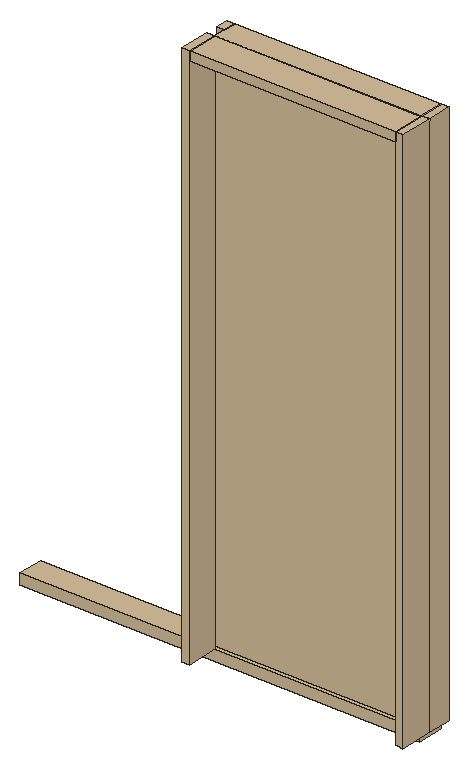
Revit family "Dor_木製-引込み戸", category ドア, Revit 2020
Family settings
  ホスト = 壁
  常に垂直 = はい
  ロード時にボイドで切り取り = はい
  共有 = いいえ
  部屋計算ポイント = いいえ
Parameters (values of type "木製-引込み戸")
  開口逃げ位置表示 [instance] = no
  金物_施錠方式(外) = ""
  金物_施錠方式(内) = ""
  金物_支持金物 = ""
  金物_操作金物 = ""
  金物_戸当り = ""
  金物_固定金物 = ""
  金物_フランス落し = ""
  金物_クローザー = ""
  逃げ_左 = 50 mm
  逃げ_右 = 50 mm
  解析用性能 = "<なし>"
  符号_建具記号 = ""
  符号_建具番号 = ""
  法_随時閉鎖 = yes
  法_防火性能 = ""
  法_遮煙 = yes
  法_常時閉鎖 = yes
  文字_ガラス厚 = ""
  敷居表示 [instance] = yes
  枠見付上_外側 = 35 mm
  枠見付上_内側 = 35 mm
  敷居見込 [instance] = 100 mm
  引き残し = 120 mm
  ラベル_遮煙 = if(法_遮煙, "S", " ")  # "S"
  ラベル_法囲み = if(法_常時閉鎖, "□", if(法_随時閉鎖, "〇", " "))  # "□"
  マテリアル_障子紙 = 紙 - 障子
  マテリアル_襖紙 = 紙 - 襖
  マテリアル_引手 = 木目 - ナチュラル
  マテリアル_ハンドル = none
  ボード厚 [instance] = 30 mm
  ドアパネルタイプ = DPJ_フラッシュ : フラッシュ
  クリアランス_戸尻枠 = 15 mm
  クリアランス_壁パネル間 = 10 mm
  calc_沓摺幅 = パネル幅 + calc_戸尻位置 + クリアランス_戸尻枠  # 1555 mm
  次による断熱プロパティの定義 = スキーマティック タイプ
  文字_額縁材質 = ""
  文字_額縁仕上 = ""
  文字_沓摺材質 = ""
  文字_沓摺仕上 = ""
  文字_枠材質 = ""
  文字_枠仕上 = ""
  文字_建具材質 = ""
  文字_建具仕上 = ""
  文字_取付場所 = ""
  文字_備考 = ""
  文字_パネル厚 = ""
  文字_ガラリ材質 = ""
  文字_ガラリ仕上 = ""
  文字_ガラス材質 = ""
  文字_アンダーカット = ""
  性能_遮音 = ""
  性能_気密 = ""
  形状_沓摺形状 = ""
  形状_枠形状 = ""
  形状_建具形式 = ""
  形状_ガラリ形状 = ""
  calc_戸袋見込 = パネル厚 + 14 mm + LOCK  # 44 mm
  calc_戸尻位置 = パネル幅 - 引き残し  # 710 mm
  calc_壁芯ずれ [instance] = オフセット / 2 + LOCK  # 25 mm
  マテリアル_沓摺 = none
  マテリアル_枠 = 木目 - ナチュラル
  マテリアル_パネル = 木目 - ナチュラル
  マテリアル_ガラリ = none
  マテリアル_ガラス = none
  引手表示 [instance] = yes
  Keynote = ""
  オフセット [instance] = 50 mm
  calc_全幅 = W寸法 + calc_戸尻位置 + クリアランス_戸尻枠 + 枠見付  # 1555 mm
  calc_パネル中心_幅 = 枠見付 / 2 + LOCK  # 15 mm
  calc_パネル中心_厚 [instance] = ボード厚 + LGS厚 / 2 + 枠ちり外 + LOCK  # 75 mm
  W寸法 = 800 mm
  LOCK = 0 mm  # constant formula
  Function = (empty or 0)
  Description = ""
  Rough Width = 0 mm
  高さ = H寸法 + LOCK  # 2100 mm
  枠見付 = 30 mm
  枠ちり外 = 10 mm
  枠ちり内 = 10 mm
  引手_高さ = 900 mm
  戸当見込 = 50 mm
  戸当見付 = 15 mm
  Construction Type = ""
  Wall Closure = (empty or 0)
  幅 = W寸法 + LOCK  # 800 mm
  Rough Height = 0 mm
  パネル高 = 2095 mm
  パネル幅 = 幅 + 枠見付  # 830 mm
  パネル厚 = 30 mm
  LGS厚 [instance] = 70 mm
  H寸法 = 2100 mm
Reference planes
  plane 1: y = 0.417
  plane 2 "中心(左/右)": x = 0
  plane 3 "EXT.": y = 75.417
  plane 4 "内壁": y = -74.583
  plane 5 "左": x = -400
  plane 6 "右": x = 400
  plane 7 "上側": z = 2100
  plane 8: z = 0
  plane 9 "枠ちり外": y = 85.417
  plane 10 "枠外側左": x = -430
  plane 11 "枠外側右": x = 430
  plane 12 "枠見付_上": z = 2135
  plane 13 "オフセット": y = -124.583
  plane 14 "枠ちり内": y = -134.583
  plane 15: y = 65.417
  plane 16: x = -435
  plane 17: x = 435
  plane 18: y = 65.417
  plane 19: y = -114.583
  plane 20: y = -129.583
  plane 21 "パネル中心": y = 10.417
  plane 22: z = 900
  plane 23 "ボード厚": y = 45.417
  plane 24: x = -1140
  plane 25: x = -1155
  plane 26: x = -1185
  plane 27: z = 2135
  plane 28 "パネル幅中心": x = -15
  plane 29 "沓摺中心": x = -377.5
  plane 30: y = 65
  plane 31: z = 1050
  plane 32 "LGS厚": y = -24.583
  plane 33 "戸袋内側": y = -11.583
  plane 34 "戸袋外側": y = 32.417
  plane 35: x = -425
  plane 36: y = 80.417
  plane 37: y = 25.417
  plane 38: y = -4.583
  plane 39: z = 2137
  plane 40: z = 2138
  plane 41: y = -13.583
  plane 42: y = -4.583
  plane 43: y = 25.417
  plane 44 "敷居見込": y = -14.583
  plane 45 "逃げ位置": y = 28.806
  plane 46 "引き残し": x = -280
Forms (mm)
  Extrusion 1, void
    sketch origin (0, 0, 0) x (1, 0, 0) y (0, 1, 0)
      loop
        line (-430, -124.583) -> (430, -124.583) -> (430, 45.417) -> (-430, 45.417) -> (-430, -124.583)
    from 0 to 2135
  Extrusion 2, void
    sketch origin (0, 0, 0) x (1, 0, 0) y (0, 1, 0)
      loop
        line (-430, 75.417) -> (-430, 32.417) -> (430, 32.417) -> (430, 75.417) -> (-430, 75.417)
    from 0 to 2135
  Extrusion 3, solid, material "木目 - ナチュラル" <- "マテリアル_枠"
    sketch origin (0, 0, 0) x (1, 0, 0) y (0, 1, 0)
      loop
        line (-400, 85.417) -> (-400, -11.583) -> (400, -11.583) -> (400, 85.417) -> (-400, 85.417)
    from 2100 to 2135
  Extrusion 4, solid, material "木目 - ナチュラル" <- "マテリアル_枠"
    sketch origin (0, 0, 0) x (1, 0, 0) y (0, 1, 0)
      loop
        line (-400, -134.583) -> (400, -134.583) -> (400, 32.417) -> (-400, 32.417) -> (-400, -134.583)
    from 2100 to 2135
  Extrusion 5, solid, material "木目 - ナチュラル" <- "マテリアル_枠"
    sketch origin (0, 0, 0) x (1, 0, 0) y (0, 1, 0)
      loop
        line (-430, -134.583) -> (-400, -134.583) -> (-400, -11.583) -> (-430, -11.583) -> (-430, -134.583)
      loop
        line (400, -134.583) -> (430, -134.583) -> (430, -4.583) -> (400, -4.583) -> (400, -134.583)
    from 0 to 2135
  Extrusion 6, solid, material "木目 - ナチュラル" <- "マテリアル_枠"
    sketch origin (0, 0, 0) x (1, 0, 0) y (0, 1, 0)
      loop
        line (-430, 32.417) -> (-400, 32.417) -> (-400, 85.417) -> (-430, 85.417) -> (-430, 32.417)
      loop
        line (400, -4.583) -> (430, -4.583) -> (430, 85.417) -> (400, 85.417) -> (400, -4.583)
    from 0 to 2135
  Extrusion 7, void
    sketch origin (0, 0, 0) x (1, 0, 0) y (0, 1, 0)
      loop
        line (-1185, -24.583) -> (-430, -24.583) -> (-430, 45.417) -> (-1185, 45.417) -> (-1185, -24.583)
    from 0 to 2135
  Extrusion 8, solid, material "木目 - ナチュラル" <- "マテリアル_枠", visible <- "敷居表示"
    sketch origin (0, 0, 0) x (1, 0, 0) y (0, 1, 0)
      loop
        line (400, -14.583) -> (400, 85.417) -> (-1155, 85.417) -> (-1155, -14.583) -> (400, -14.583)
    from 0 to -40
Cuts and joins
  Extrusion 7 cuts Extrusion 5
  Extrusion 7 cuts Extrusion 6
Lines and regions (mm)
  Masking region 1
    outline origin (0, 0, 0) x (0, 1, 0) y (0, 0, 1)
      loop
        line (25.417, 2100) -> (-4.583, 2100) -> (-4.583, 5) -> (25.417, 5) -> (25.417, 2100)
  Masking region 2
    outline origin (0, 0, 0) x (0, 1, 0) y (0, 0, 1)
      loop
        line (65.417, 2135) -> (65.417, 2138) -> (-13.583, 2138) -> (-13.583, 2137) -> (-114.583, 2137) -> (-114.583, 2135) -> (-134.583, 2135) -> (-134.583, 2100) -> (85.417, 2100) -> (85.417, 2135) -> (65.417, 2135)
  Masking region 3, detail levels medium+fine
    outline origin (0, 0, 0) x (1, 0, 0) y (0, 1, 0)
      loop
        line (-430, -11.583) -> (-430, -134.583) -> (-400, -134.583) -> (-400, -11.583) -> (-430, -11.583)
      loop
        line (430, -134.583) -> (430, 85.417) -> (400, 85.417) -> (400, -134.583) -> (430, -134.583)
      loop
        line (-1185, -24.583) -> (-1155, -24.583) -> (-1155, 45.417) -> (-1185, 45.417) -> (-1185, -24.583)
      loop
        line (-430, 85.417) -> (-430, 32.417) -> (-400, 32.417) -> (-400, 85.417) -> (-430, 85.417)
  Masking region 4, detail levels coarse
    outline origin (0, 0, 0) x (1, 0, 0) y (0, 1, 0)
      loop
        line (-435, -24.583) -> (-435, -124.583) -> (-400, -124.583) -> (-400, -24.583) -> (-435, -24.583)
      loop
        line (435, 75.417) -> (400, 75.417) -> (400, -124.583) -> (435, -124.583) -> (435, 75.417)
      loop
        line (-435, 45.417) -> (-400, 45.417) -> (-400, 75.417) -> (-435, 75.417) -> (-435, 45.417)
  Masking region 5, detail levels medium+fine
    outline origin (0, 0, 0) x (1, 0, 0) y (0, 1, 0)
      loop
        line (-430, -24.583) -> (-430, -11.583) -> (-425, -11.583) -> (-425, 32.417) -> (-430, 32.417) -> (-430, 45.417) -> (-1155, 45.417) -> (-1155, -24.583) -> (-430, -24.583)
  Masking region 6, detail levels coarse
    outline origin (0, 0, 0) x (1, 0, 0) y (0, 1, 0)
      loop
        line (-1155, -24.583) -> (-430, -24.583) -> (-400, -24.583) -> (-400, 45.417) -> (-430, 45.417) -> (-1155, 45.417) -> (-1155, -24.583)
  Masking region 7
    outline origin (0, 0, 0) x (0, 1, 0) y (0, 0, 1)
      loop
        line (-134.583, 5) -> (-4.583, 5) -> (-4.583, 2100) -> (-134.583, 2100) -> (-134.583, 5)
      loop
        line (85.417, 5) -> (85.417, 2100) -> (25.417, 2100) -> (25.417, 5) -> (85.417, 5)
  Masking region 8, detail levels coarse
    outline origin (0, 0, 0) x (1, 0, 0) y (0, 1, 0)
      loop
        line (-1155, 45.417) -> (-1155, 48.417) -> (-1188, 48.417) -> (-1188, -27.583) -> (-1155, -27.583) -> (-1155, -24.583) -> (-1155, 45.417)
  symbolic lines
    curve 1: line (0, 135.417, 0) -> (0, -184.583, 0)
  symbolic lines, visible <- "敷居表示", detail levels medium+fine
    curve 2: line (-400, 85.417, 0) -> (400, 85.417, 0)
    curve 3: line (-400, -14.583, 0) -> (400, -14.583, 0)
Text (mm)
  text "EXT." at (-2295.016, 1099.543, 0), in view "基準レベル"
  text "外部" at (0, 1615.38, 3698.081), in view "左"
  text "外部" at (0, 1036.032, 3874.932), in view "右"
  text "内部" at (0, -1175.082, 3874.932), in view "右"
  text "内部" at (-2295.016, -1087.353, 0), in view "基準レベル"
Dimensions and locks
  equal spacing: plane 5 "左", plane 2 "中心(左/右)", plane 6 "右"
  locked: plane 3 "EXT." to host wall
  locked: plane 4 "内壁" to host wall
  "W寸法": plane 5 "左" to plane 6 "右"
  "H寸法": plane 8 to plane 7 "上側"
  "枠ちり外": plane 3 "EXT." to plane 9 "枠ちり外"
  "枠ちり内": plane 13 "オフセット" to plane 14 "枠ちり内"
  locked: plane 3 "EXT." to plane 15 at 10
  locked: curve 1 to plane 9 "枠ちり外" at 50
  locked: plane 14 "枠ちり内" to curve 1 at 50
  plane 4 "内壁" to plane 3 "EXT." = 150 mm
  locked: plane 16 to plane 10 "枠外側左" at 5
  locked: plane 11 "枠外側右" to plane 17 at 5
  locked: plane 18 to plane 3 "EXT." at 10
  locked: plane 19 to plane 13 "オフセット" at 10
  locked: plane 13 "オフセット" to plane 20 at 5
  "calc_パネル中心_厚": plane 9 "枠ちり外" to plane 21 "パネル中心"
  "引手_高さ": plane 22 to level
  "枠見付": plane 6 "右" to plane 11 "枠外側右"
  "枠見付": plane 10 "枠外側左" to plane 5 "左"
  plane 7 "上側" to plane 12 "枠見付_上" = 35 mm
  "クリアランス_戸尻枠": plane 25 to plane 24
  "枠見付": plane 26 to plane 25
  "枠見付上_外側": plane 12 "枠見付_上" to plane 7 "上側"
  "枠見付上_内側": plane 27 to plane 7 "上側"
  "calc_パネル中心_幅": plane 28 "パネル幅中心" to plane 2 "中心(左/右)"
  "calc_戸尻位置": plane 24 to plane 10 "枠外側左"
  equal spacing: plane 25, plane 29 "沓摺中心", plane 6 "右"
  plane 30 to plane 3 "EXT." = 10.417 mm
  equal spacing: plane 8, plane 31, plane 7 "上側"
  "ボード厚": plane 23 "ボード厚" to plane 3 "EXT."
  "LGS厚": plane 23 "ボード厚" to plane 32 "LGS厚"
  equal spacing: plane 34 "戸袋外側", plane 21 "パネル中心", plane 33 "戸袋内側"
  "calc_戸袋見込": plane 34 "戸袋外側" to plane 33 "戸袋内側"
  plane 10 "枠外側左" to plane 35 = 5 mm
  plane 3 "EXT." to plane 36 = 5 mm
  equal spacing: plane 37, plane 21 "パネル中心", plane 38
  "パネル厚": plane 37 to plane 38
  plane 27 to plane 39 = 2 mm
  plane 40 to plane 12 "枠見付_上" = 3 mm
  "オフセット": plane 4 "内壁" to plane 13 "オフセット"
  plane 33 "戸袋内側" to plane 41 = 2 mm
  equal spacing: plane 43, plane 21 "パネル中心", plane 42
  "パネル厚": plane 43 to plane 42
  "敷居見込": plane 9 "枠ちり外" to plane 44 "敷居見込"
  locked: Masking region 8 sketch curve to plane 23 "ボード厚" at 3
  locked: plane 32 "LGS厚" to Masking region 8 sketch curve at 3
  locked: Masking region 8 sketch curve to plane 26 at 3
  "引き残し": plane 5 "左" to plane 46 "引き残し"
  aligned and locked: plane 1 to host wall
  aligned and locked: level to plane 8
  aligned and locked: Extrusion 2 sketch curve to host wall
  aligned and locked: plane 10 "枠外側左" to Extrusion 2 sketch curve
  aligned and locked: plane 11 "枠外側右" to Extrusion 2 sketch curve
  aligned and locked: plane 12 "枠見付_上" to Extrusion 2
  aligned and locked: Extrusion 1 to plane 13 "オフセット"
  aligned and locked: Masking region 2 sketch curve to plane 14 "枠ちり内"
  aligned and locked: plane 9 "枠ちり外" to Masking region 2 sketch curve
  aligned and locked: Masking region 4 sketch curve to plane 16  (x2)
  aligned and locked: plane 6 "右" to Masking region 4 sketch curve
  aligned and locked: Masking region 4 sketch curve to plane 17
  aligned and locked: plane 13 "オフセット" to Masking region 4 sketch curve
  aligned and locked: Masking region 4 sketch curve to plane 13 "オフセット"
  aligned and locked: plane 6 "右" to Masking region 3 sketch curve
  aligned and locked: plane 9 "枠ちり外" to Masking region 3 sketch curve
  aligned and locked: plane 5 "左" to Masking region 3 sketch curve  (x2)
  aligned and locked: Extrusion 3 sketch curve to plane 6 "右"
  aligned and locked: Extrusion 4 sketch curve to plane 14 "枠ちり内"
  aligned and locked: plane 5 "左" to Extrusion 4 sketch curve
  aligned and locked: Extrusion 4 sketch curve to plane 6 "右"
  aligned and locked: plane 12 "枠見付_上" to Extrusion 3
  aligned and locked: plane 7 "上側" to Extrusion 3
  aligned and locked: Extrusion 1 to plane 27
  aligned and locked: plane 23 "ボード厚" to Extrusion 1 sketch curve
  aligned and locked: Extrusion 5 sketch curve to plane 14 "枠ちり内"  (x2)
  aligned and locked: Extrusion 5 sketch curve to plane 5 "左"
  aligned and locked: Extrusion 5 sketch curve to plane 10 "枠外側左"
  aligned and locked: plane 6 "右" to Extrusion 5 sketch curve
  aligned and locked: Extrusion 5 sketch curve to plane 11 "枠外側右"
  aligned and locked: Extrusion 5 to plane 27
  aligned and locked: Extrusion 4 to plane 27
  aligned and locked: plane 7 "上側" to Extrusion 4
  aligned and locked: plane 28 "パネル幅中心" to nested 1
  aligned and locked: plane 2 "中心(左/右)" to nested 2
  aligned and locked: plane 31 to nested 2
  aligned and locked: Masking region 3 sketch curve to plane 33 "戸袋内側"
  aligned and locked: plane 33 "戸袋内側" to Extrusion 5 sketch curve
  aligned and locked: Masking region 4 sketch curve to plane 3 "EXT."
  aligned and locked: Masking region 4 sketch curve to plane 5 "左"
  aligned and locked: nested 1 to plane 21 "パネル中心"
  aligned and locked: Masking region 3 sketch curve to plane 26
  aligned and locked: plane 25 to Masking region 3 sketch curve
  aligned and locked: plane 23 "ボード厚" to Masking region 3 sketch curve
  aligned and locked: Masking region 3 sketch curve to plane 32 "LGS厚"
  aligned and locked: plane 10 "枠外側左" to Masking region 3 sketch curve
  aligned and locked: Masking region 3 sketch curve to plane 34 "戸袋外側"
  aligned and locked: Masking region 3 sketch curve to plane 9 "枠ちり外"
  aligned and locked: plane 32 "LGS厚" to Masking region 5 sketch curve
  aligned and locked: Masking region 5 sketch curve to plane 23 "ボード厚"
  aligned and locked: plane 25 to Masking region 5 sketch curve
  aligned and locked: Masking region 5 sketch curve to plane 10 "枠外側左"  (x2)
  aligned and locked: plane 34 "戸袋外側" to Masking region 5 sketch curve
  aligned and locked: Masking region 5 sketch curve to plane 35
  aligned and locked: plane 33 "戸袋内側" to Masking region 5 sketch curve
  aligned and locked: plane 23 "ボード厚" to Masking region 6 sketch curve  (x2)
  aligned and locked: Masking region 6 sketch curve to plane 32 "LGS厚"  (x2)
  aligned and locked: Masking region 6 sketch curve to plane 25
  aligned and locked: Masking region 6 sketch curve to plane 5 "左"
  aligned and locked: plane 10 "枠外側左" to Masking region 6 sketch curve  (x2)
  aligned and locked: Masking region 4 sketch curve to plane 32 "LGS厚"
  aligned and locked: Masking region 4 sketch curve to plane 23 "ボード厚"
  aligned and locked: Extrusion 3 sketch curve to plane 9 "枠ちり外"
  aligned and locked: Extrusion 3 sketch curve to plane 5 "左"
  aligned and locked: Extrusion 2 sketch curve to plane 34 "戸袋外側"
  aligned and locked: plane 7 "上側" to Masking region 2 sketch curve  (x2)
  aligned and locked: Masking region 2 sketch curve to plane 27
  aligned and locked: Extrusion 4 sketch curve to plane 34 "戸袋外側"
  aligned and locked: plane 7 "上側" to Masking region 1 sketch curve
  aligned and locked: Masking region 1 sketch curve to plane 38
  aligned and locked: Masking region 1 sketch curve to plane 37
  aligned and locked: plane 40 to Masking region 2 sketch curve
  aligned and locked: Masking region 2 sketch curve to plane 40
  aligned and locked: plane 18 to Masking region 2 sketch curve
  aligned and locked: plane 39 to Masking region 2 sketch curve  (x2)
  aligned and locked: Masking region 2 sketch curve to plane 19
  aligned and locked: plane 19 to Masking region 2 sketch curve
  aligned and locked: plane 9 "枠ちり外" to Extrusion 6 sketch curve  (x2)
  aligned and locked: plane 6 "右" to Extrusion 6 sketch curve
  aligned and locked: Extrusion 6 sketch curve to plane 11 "枠外側右"
  aligned and locked: Extrusion 6 sketch curve to plane 5 "左"
  aligned and locked: Extrusion 6 sketch curve to plane 10 "枠外側左"
  aligned and locked: plane 34 "戸袋外側" to Extrusion 6 sketch curve
  aligned and locked: plane 12 "枠見付_上" to Extrusion 6
  aligned and locked: plane 41 to Masking region 2 sketch curve
  aligned and locked: Extrusion 3 sketch curve to plane 33 "戸袋内側"
  aligned and locked: Extrusion 6 sketch curve to plane 42
  aligned and locked: plane 42 to Extrusion 5 sketch curve
  aligned and locked: Masking region 7 sketch curve to plane 7 "上側"
  aligned and locked: plane 7 "上側" to Masking region 7 sketch curve
  aligned and locked: Masking region 7 sketch curve to plane 43
  aligned and locked: Masking region 7 sketch curve to plane 42
  aligned and locked: plane 9 "枠ちり外" to Masking region 7 sketch curve
  aligned and locked: plane 14 "枠ちり内" to Masking region 7 sketch curve
  aligned and locked: Extrusion 7 sketch curve to plane 26
  aligned and locked: Extrusion 7 sketch curve to plane 32 "LGS厚"
  aligned and locked: plane 23 "ボード厚" to Extrusion 7 sketch curve
  aligned and locked: plane 10 "枠外側左" to Extrusion 7 sketch curve
  aligned and locked: Extrusion 7 to plane 12 "枠見付_上"
  aligned and locked: plane 28 "パネル幅中心" to nested 3
  aligned and locked: plane 44 "敷居見込" to Extrusion 8 sketch curve
  aligned and locked: Extrusion 8 sketch curve to plane 9 "枠ちり外"
  aligned and locked: plane 25 to Extrusion 8 sketch curve
  aligned and locked: plane 6 "右" to Extrusion 8 sketch curve
  aligned and locked: Masking region 8 sketch curve to plane 25
  aligned and locked: plane 32 "LGS厚" to Masking region 8 sketch curve
  aligned and locked: plane 23 "ボード厚" to Masking region 8 sketch curve
  aligned and locked: curve 2 to plane 9 "枠ちり外"
  aligned and locked: plane 6 "右" to curve 2
  aligned and locked: plane 5 "左" to curve 2
  aligned and locked: curve 3 to plane 44 "敷居見込"
  aligned and locked: plane 6 "右" to curve 3
  aligned and locked: plane 5 "左" to curve 3
  aligned and locked: plane 29 "沓摺中心" to nested 4
  aligned and locked: nested 4 to plane 21 "パネル中心"
Automatic sketch dimensions
  Extrusion 1 sketch curve to plane 10 "枠外側左" = 0 mm
  Extrusion 1 sketch curve to plane 11 "枠外側右" = 0 mm
  Extrusion 1 sketch curve to plane 13 "オフセット" = 0 mm
  Masking region 4 sketch curve to host wall = 0 mm
  Masking region 4 sketch curve to plane 5 "左" = 0 mm
  Masking region 2 sketch curve to plane 12 "枠見付_上" = 0 mm
  Masking region 3 sketch curve to plane 10 "枠外側左" = 0 mm
  Masking region 3 sketch curve to plane 11 "枠外側右" = 0 mm
  Masking region 3 sketch curve to plane 14 "枠ちり内" = 0 mm  (x2)
  level to Masking region 1 sketch curve = 5 mm
  level to Masking region 7 sketch curve = 5 mm  (x2)
  curve 1 to plane 2 "中心(左/右)" = 0 mm
Nested families
  nested 1: "平面_引き戸" at (-15, 10.417, 0), type "平面_引き戸"
    with 幅 830 mm, パネル幅 830 mm, パネル厚 30 mm
  nested 2: "立面_スイング_引き戸" at (0, 75.417, 1050) x (1, 0, 0) z (0, -1, 0), type "立面_スイング_引き戸"
    with 幅 250 mm
  nested 3: "DPJ_フラッシュ" at (-15, 16.917, 0) x (-1, 0, 0) z (0, 0, 1), type <- "ドアパネルタイプ", type "フラッシュ"
    with 高さ 2095 mm, 引手表示 yes, 幅 830 mm, 厚さ 30 mm
  nested 4: "平面_逃げ位置" at (-377.5, 10.417, 0), visible <- "開口逃げ位置表示", 幅 <- "calc_全幅", 逃げ_右 <- "逃げ_右", 逃げ_左 <- "逃げ_左", type "平面_逃げ位置"
    with 逃げ_左 50 mm, 逃げ_右 50 mm, 幅 1555 mm
Definition of nested family "DPJ_フラッシュ"
  Parameters (values of type "フラッシュ")
    高さ = 2110 mm
    引手表示 = no
    引手取付高さ = 900 mm
    幅 = 615 mm
    厚さ = 45 mm
    マテリアル_引手 = none
    マテリアル_パネル = none
  Reference planes
    plane 1 "中心(正面/背面)": y = 0
    plane 2 "下": z = 0
    plane 3 "中心(左/右)": x = 0
    plane 4 "右": x = 307.5
    plane 5 "左": x = -307.5
    plane 6 "前面": y = 22.5
    plane 7 "背面": y = -22.5
    plane 8 "上": z = 2110
    plane 9: x = -227.5
    plane 10: z = 900
  Forms (mm)
    Extrusion 1, solid, material <- "マテリアル_パネル"
      sketch origin (0, 0, 0) x (1, 0, 0) y (0, 0, 1)
        loop
          line (-307.5, 2110) -> (-307.5, 0) -> (307.5, 0) -> (307.5, 2110) -> (-307.5, 2110)
      from -22.5 to 22.5
  Dimensions and locks
    equal spacing: plane 5 "左", plane 3 "中心(左/右)", plane 4 "右"
    "幅": plane 5 "左" to plane 4 "右"
    equal spacing: plane 6 "前面", plane 1 "中心(正面/背面)", plane 7 "背面"
    "厚さ": plane 6 "前面" to plane 7 "背面"
    "高さ": plane 8 "上" to plane 2 "下"
    plane 9 to plane 5 "左" = 80 mm
    "引手取付高さ": plane 10 to plane 2 "下"
    aligned and locked: level to plane 2 "下"
    aligned and locked: Extrusion 1 sketch curve to plane 8 "上"
    aligned and locked: plane 5 "左" to Extrusion 1 sketch curve
    aligned and locked: Extrusion 1 sketch curve to plane 4 "右"
    aligned and locked: plane 6 "前面" to Extrusion 1
    aligned and locked: Extrusion 1 to plane 7 "背面"
    aligned and locked: plane 2 "下" to Extrusion 1 sketch curve
    aligned and locked: nested 1 to plane 9
    aligned and locked: nested 1 to plane 10
  Nested families
    nested 1: "Ha_引手" at (-227.5, 0, 900), visible <- "引手表示", type "Ha_引手"
      with パネル厚 45 mm
  Definition of nested family "Ha_引手"
    Parameters (values of type "Ha_引手")
      Analytic Construction = "<なし>"
      Define Thermal Properties by = 1
      パネル厚 = 30 mm
      ハンドル = none
      Keynote = "08730.C5"
    Reference planes
      plane 1 "中心(正面/背面)": y = 0
      plane 2: z = 0
      plane 3 "中心 (左/右)": x = 0
      plane 4: y = 15
      plane 5: y = -15
      plane 6: y = -20
      plane 7: y = 20
    Forms (mm)
      Extrusion 1, solid, material <- "ハンドル"
        sketch origin (-30, -15, 0) x (1, 0, 0) y (0, 0, 1)
          loop
            line (20, -40) -> (40, -40) -> (40, 40) -> (20, 40) -> (20, -40)
        from -35 to 5
      Extrusion 2, void
        sketch origin (0, -15, 0) x (-1, 0, 0) y (0, 0, 1)
          loop
            line (5, -25) -> (5, 25) -> (-5, 25) -> (-5, -25) -> (5, -25)
        from -5 to 0
      Extrusion 3, void
        sketch origin (0, 15, 0) x (-1, 0, 0) y (0, 0, 1)
          loop
            line (-5, 25) -> (-5, -25) -> (5, -25) -> (5, 25) -> (-5, 25)
        from 0 to 5
    Cuts and joins
      Extrusion 2, Extrusion 3 cuts Extrusion 1
    Dimensions and locks
      equal spacing: plane 5, plane 1 "中心(正面/背面)", plane 4
      "パネル厚": plane 5 to plane 4
      locked: plane 6 to plane 5 at 5
      locked: plane 4 to plane 7 at 5
      aligned and locked: plane 6 to Extrusion 1
      aligned and locked: Extrusion 1 to plane 7
      aligned and locked: Extrusion 1 to Extrusion 2
      aligned and locked: Extrusion 1 to Extrusion 3
    Automatic sketch dimensions
      Extrusion 1 sketch curve to plane 3 "中心 (左/右)" = 10 mm
      plane 3 "中心 (左/右)" to Extrusion 1 sketch curve = 10 mm
      Extrusion 1 sketch curve to level = 40 mm
      level to Extrusion 1 sketch curve = 40 mm
      plane 3 "中心 (左/右)" to Extrusion 2 sketch curve = 5 mm
      Extrusion 2 sketch curve to plane 3 "中心 (左/右)" = 5 mm
      Extrusion 2 sketch curve to level = 25 mm
      level to Extrusion 2 sketch curve = 25 mm
      plane 3 "中心 (左/右)" to Extrusion 3 sketch curve = 5 mm
      Extrusion 3 sketch curve to plane 3 "中心 (左/右)" = 5 mm
      Extrusion 3 sketch curve to level = 25 mm
      level to Extrusion 3 sketch curve = 25 mm
Definition of nested family "平面_引き戸"
  Parameters (values of type "平面_引き戸")
    引き残し = 120 mm
    幅 = 825 mm
    パネル幅 = 幅  # 825 mm
    パネル厚 = 45 mm
  Reference planes
    plane 1 "中心(正面/背面)": y = 0
    plane 2: z = 0
    plane 3 "中心(左/右)": x = 0
    plane 4: x = -412.5
    plane 5: x = 412.5
    plane 6 "内側": y = -22.5
    plane 7 "外側": y = 22.5
    plane 8: x = -292.5
    plane 9: x = -1117.5
  Lines and regions (mm)
    Masking region 1, in view "基準レベル", detail levels medium+fine
      outline origin (0, 0, 0) x (1, 0, 0) y (0, 1, 0)
        loop
          line (-412.5, -22.5) -> (412.5, -22.5) -> (412.5, 22.5) -> (-412.5, 22.5) -> (-412.5, -22.5)
    detail lines, in view "基準レベル", detail levels medium+fine
      curve 1: line (-412.5, -22.5, 0) -> (-1117.5, -22.5, 0)
      curve 2: line (-1117.5, -22.5, 0) -> (-1117.5, 22.5, 0)
      curve 3: line (-1117.5, 22.5, 0) -> (-412.5, 22.5, 0)
    detail lines, in view "基準レベル", detail levels coarse
      curve 4: line (412.5, 0, 0) -> (-412.5, 0, 0)
      curve 5: line (-1117.5, 0, 0) -> (-412.5, 0, 0)
  Dimensions and locks
    equal spacing: plane 4, plane 3 "中心(左/右)", plane 5
    "幅": plane 4 to plane 5
    "パネル厚": plane 7 "外側" to plane 6 "内側"
    equal spacing: plane 7 "外側", plane 1 "中心(正面/背面)", plane 6 "内側"
    "引き残し": plane 4 to plane 8
    "幅": plane 9 to plane 8
    aligned and locked: Masking region 1 sketch curve to plane 6 "内側"
    aligned and locked: Masking region 1 sketch curve to plane 4
    aligned and locked: plane 5 to Masking region 1 sketch curve
    aligned and locked: plane 7 "外側" to Masking region 1 sketch curve
    aligned and locked: plane 5 to curve 4
    aligned and locked: curve 3 to plane 7 "外側"
    aligned and locked: plane 9 to curve 2
    aligned and locked: Masking region 1 to plane 4
    aligned and locked: plane 6 "内側" to curve 1
    aligned and locked: Masking region 1 to plane 6 "内側"
    aligned and locked: plane 5 to Masking region 1
    aligned and locked: plane 4 to curve 4
    aligned and locked: plane 9 to curve 5
    aligned and locked: plane 1 "中心(正面/背面)" to curve 5
    aligned and locked: curve 4 to plane 1 "中心(正面/背面)"
  Automatic sketch dimensions
    curve 3 to plane 4 = 0 mm
    curve 1 to plane 4 = 0 mm
Definition of nested family "立面_スイング_引き戸"
  Parameters (values of type "立面_スイング_引き戸")
    幅 [instance] = 250 mm
  Reference planes
    plane 1 "中心(正面/背面)": y = 0
    plane 2: z = 0
    plane 3 "中心(左/右)": x = 0
    plane 4: x = -125
    plane 5: x = 125
  Lines and regions (mm)
    detail lines, in view "基準レベル"
      curve 1: line (125, 0, 0) -> (-125, 0, 0)
      curve 2: line (-125, 0, 0) -> (-55.718, 40, 0)
  Dimensions and locks
    equal spacing: plane 4, plane 3 "中心(左/右)", plane 5
    "幅": plane 4 to plane 5
    angle curve 1 to curve 2 = 30.00°
    aligned and locked: plane 4 to curve 1
    aligned and locked: plane 5 to curve 1
  Automatic sketch dimensions
    plane 1 "中心(正面/背面)" to curve 1 = 0 mm
Definition of nested family "平面_逃げ位置"
  Parameters (values of type "平面_逃げ位置")
    逃げ_左 [instance] = 40 mm
    逃げ_右 [instance] = 40 mm
    幅 [instance] = 1000 mm
  Reference planes
    plane 1 "中心(正面/背面)": y = 0
    plane 2: z = 0
    plane 3 "中心(左/右)": x = 0
    plane 4: x = -500
    plane 5: x = 500
    plane 6: x = 540
    plane 7: x = -540
    plane 8: y = -30
    plane 9: y = 30
  Lines and regions (mm)
    detail lines, in view "基準レベル"
      curve 1: line (-540, 30, 0) -> (-540, -30, 0)
      curve 2: line (540, 30, 0) -> (540, -30, 0)
  Dimensions and locks
    equal spacing: plane 4, plane 3 "中心(左/右)", plane 5
    "幅": plane 4 to plane 5
    plane 9 to plane 8 = 60 mm
    equal spacing: plane 9, plane 1 "中心(正面/背面)", plane 8
    "逃げ_左": plane 7 to plane 4
    "逃げ_右": plane 5 to plane 6
    aligned and locked: curve 1 to plane 7
    aligned and locked: plane 6 to curve 2
    aligned and locked: plane 9 to curve 2
  Automatic sketch dimensions
    curve 1 to plane 8 = 0 mm
    curve 2 to plane 8 = 0 mm
    curve 1 to plane 9 = 0 mm
